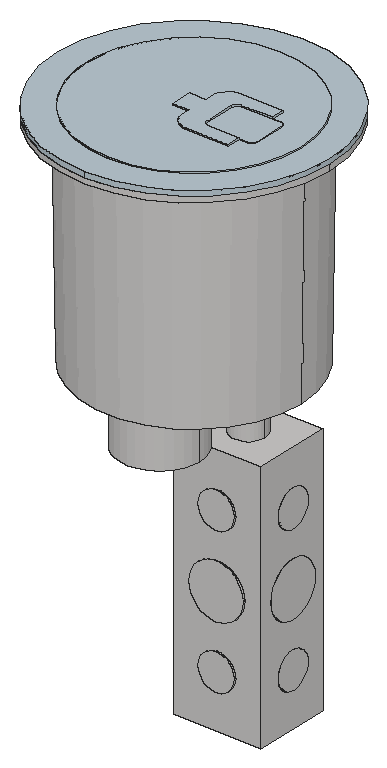
Revit family "Electrical_Equipment-Poke_Through-Hubbell_Wiring-System_One-S1R6", category Electrical Fixtures, host Face, Revit 2015
Parameters (values of type "Standard")
  Voltage = 120 V
  URL = "http://www.hubbell-wiring.com/"
  Right Side Subplate = 40 Left Subplate : S1R6SPZ
  Right Side Power = 4800 VA
  Product data url = "https://bimobject.com/hubbellwiring/product/systemone-s1r6"
  Product Page URL = "http://ecatalog.hubbell-wiring.com/ProductInformation/ViewCatalog.aspx?Dest=hubbell-wiring.com/press/catalog/m.pdf"
  Product Documentation Link = "http://ecatalog.hubbell-wiring.com/ProductInformation/ViewCatalog.aspx?Dest=hubbell-wiring.com/press/catalog/m.pdf"
  Power Factor = 1
  Number of Poles = 1
  Model = "S1R6PT"
  Manufacturer = "Hubbell-Wiring"  # constant formula
  Load Classification = Power
  Left Side Subplate = 50 Left Subplate : S1R6SPH
  Left Side Power = 2400 VA
  Hardware Material = Metal-Hubbell-Steel
  Electrical Connector Description = "Power Connector"
  Description = "System One - 6\" Poke Through"
  Default Elevation = 0' - 0"
  Cover Material = Metal-Hubbell-Aluminum
  Conduit Connector 4 Description = "Conduit Connector 45"
  Conduit Connector 3 Description = "Conduit Connector 3"
  Conduit Connector 2 Description = "Conduit Connector 2"
  Conduit Connector 1 Description = "Conduit Connector 1"
  Assembly Code = "D5020115"
Reference planes (in)
  plane 1 "Center (Front/Back)": y = 0
  plane 2: z = 0
  plane 3 "Center (Left/Right)": x = 0
  plane 4: z = -15.52
  plane 5: y = 1.87421
Forms (in)
  Extrusion 1, solid, detail levels coarse
    sketch origin (0, 0, 0) x (1, 0, 0) y (0, 1, 0)
      loop
        circle (0, 0) r 3.75
    from 0.29672 to -15.52
Lines and regions (in)
  symbolic lines
    curve 1: circle (0, 0, 0) r 3.75 normal (0, 0, 1)
  symbolic lines, detail levels coarse
    curve 2: line (3.75, 0, 0.29672) -> (-3.75, 0, 0.29672)
    curve 3: line (3.75, 0, -15.52) -> (3.75, 0, 0.29672)
    curve 4: line (-3.75, 0, -15.52) -> (3.75, 0, -15.52)
    curve 5: line (-3.75, 0, 0.29672) -> (-3.75, 0, -15.52)
    curve 6: line (0, 3.75, 0.29672) -> (0, -3.75, 0.29672)
    curve 7: line (0, 3.75, -15.52) -> (0, 3.75, 0.29672)
    curve 8: line (0, -3.75, -15.52) -> (0, 3.75, -15.52)
    curve 9: line (0, -3.75, 0.29672) -> (0, -3.75, -15.52)
Dimensions and locks (in)
  locked: plane 5 to plane 1 "Center (Front/Back)" at 1.87421
  aligned and locked: plane 2 to host face
  aligned and locked: level to host face
  aligned and locked: nested 1 to host face
  aligned and locked: plane 1 "Center (Front/Back)" to nested 1
  aligned and locked: nested 2 to nested 1
  aligned and locked: nested 2 to plane 1 "Center (Front/Back)"
  aligned and locked: plane 3 "Center (Left/Right)" to nested 3
  aligned and locked: nested 1 to nested 3
  aligned and locked: Extrusion 1 sketch curve to curve 1
  aligned and locked: Extrusion 1 to plane 4
  aligned and locked: plane 5 to nested 3
  aligned and locked: Extrusion 1 to nested 2
  aligned and locked: curve 2 to Extrusion 1
  aligned and locked: curve 3 to Extrusion 1
  aligned and locked: curve 4 to Extrusion 1
  aligned and locked: curve 5 to Extrusion 1
  aligned and locked: plane 3 "Center (Left/Right)" to nested 1
  aligned and locked: plane 3 "Center (Left/Right)" to nested 2
  aligned and locked: curve 6 to Extrusion 1
  aligned and locked: curve 8 to Extrusion 1
Nested families (in)
  nested 1: "Poke Through" at (0, 0, 0), type "Poke Through"
  nested 2: "Poke Through Cover" at (0, 0, 0.16) x (0, 1, 0) z (0, 0, 1), type "Poke Through Cover"
  nested 3: "Junction Box" at (0, 1.87421, -8.57), type "JunctionBox"
  nested 4: "40 Left Subplate" at (0.53871, 0.95027, 0), type "S1R6SPZ"
  nested 5: "50 Left Subplate" at (-0.34183, 0.28775, 0), type "S1R6SPG"
  nested 6: "50 Right Subplate" at (-0.34183, 0.28775, 0), type "S1R6SPA"
  nested 7: "60 Right Subplate" at (-0.34183, 0.28775, 0), type "S1R6SPV"
Connectors (in)
  electrical at (0, 1.87421, -15.52), driven by "Load Classification", driven by "Voltage", driven by "Power Factor", driven by "Electrical Connector Description"
    settings: on nested 3, index 1, voltage 120 V, apparent load 0 VA, apparent load phase1 180 VA, apparent load phase2 0 VA, apparent load phase3 0 VA, power factor 1, load classification "Power", number of poles 1, system type 31, power factor state 1, is connector primary yes, connector utility no, sub classification motor no, connector description "Power Connector"
  cabletrayconduit at (0, -1.17951, -7.59784), diameter 2.07812, driven by "Conduit Connector 4 Description"
    settings: on nested 1, index 2, connector width 1' - 0", connector height 1' - 0", connector angle 0.00°, system type 32, placement type 0, profile type 0, connector reference index -1, is primary connector yes, connector utility param no, connector description "Conduit Connector 45"
  cabletrayconduit at (0, 0.77456, -12.045), diameter 24, driven by "Conduit Connector 1 Description"
    settings: on nested 3, index 3, connector width 1' - 0", connector height 1' - 0", connector angle 0.00°, system type 32, placement type 1, profile type 0, connector reference index -1, is primary connector no, connector utility param no, connector description "Conduit Connector 1"
  cabletrayconduit at (1.23966, 1.87421, -12.045), diameter 24, driven by "Conduit Connector 2 Description"
    settings: on nested 3, index 4, connector width 1' - 0", connector height 1' - 0", connector angle 0.00°, system type 32, placement type 1, profile type 0, connector reference index -1, is primary connector no, connector utility param no, connector description "Conduit Connector 2"
  cabletrayconduit at (0, 2.97387, -12.045), diameter 24, driven by "Conduit Connector 3 Description"
    settings: on nested 3, index 6, connector width 1' - 0", connector height 1' - 0", connector angle 0.00°, system type 32, placement type 1, profile type 0, connector reference index -1, is primary connector no, connector utility param no, connector description "Conduit Connector 3"
Definition of nested family "Poke Through"
  Parameters
    Hardware Material = none
    Assembly Code = ""
  Reference planes (in)
    plane 1 "Center (Front/Back)": y = 0
    plane 2: z = 0
    plane 3 "Center (Left/Right)": x = 0
    plane 4: z = -8.57
    plane 5: x = -2.96875
  Forms (in)
    Extrusion 1, solid, material <- "Hardware Material", detail levels medium+fine
      sketch origin (0, 0, 0) x (1, 0, 0) y (0, 1, 0)
        loop
          circle (0, 0) r 3.75
        loop
          circle (0, 0) r 2.96875
      from 0 to 0.16
    Extrusion 2, solid, material <- "Hardware Material", detail levels medium+fine
      sketch origin (0, 0, 0) x (1, 0, 0) y (0, 1, 0)
        loop
          circle (0, 1.87421) r 0.45981
        loop
          circle (0, 1.87421) r 0.41183
      from -6.03615 to -8.57
    Extrusion 3, solid, material <- "Hardware Material", detail levels medium+fine
      sketch origin (0, 0, 0) x (1, 0, 0) y (0, 1, 0)
        loop
          circle (0, -1.17951) r 1.10454
        loop
          circle (0, -1.17951) r 1.03956
      from -6.03615 to -7.59784
    Revolve 4, solid, material <- "Hardware Material", detail levels medium+fine
      sketch origin (0, 0, 0) x (1, 0, 0) y (0, 0, 1)
        loop
          line (-3.06126, 0) -> (-2.96875, -6.03615) -> (-2.85374, -6.03615) -> (-2.85374, 0) -> (-3.06126, 0)
        axis (0, -6.03615) -> (0, 0)
      angle from 0 to 360
    Extrusion 5, solid, material <- "Hardware Material", detail levels medium+fine
      sketch origin (0, 0, 0) x (1, 0, 0) y (0, 1, 0)
        loop
          circle (0, 0) r 2.85374
      from -5.9741 to -6.03615
  Cuts and joins
    joined: Extrusion 1, Revolve 4, Extrusion 5
  Dimensions and locks (in)
    Extrusion 1 to plane 4 = 0' - 8.73"
    aligned and locked: plane 2 to level
Definition of nested family "Poke Through Cover"
  Parameters
    Cover Material = none
    Assembly Code = ""
  Reference planes (in)
    plane 1 "Center (Front/Back)": y = 0
    plane 2: z = 0
    plane 3 "Center (Left/Right)": x = 0
    plane 4: z = -1.16328
  Forms (in)
    Extrusion 1, solid, material <- "Cover Material", detail levels medium+fine
      sketch origin (0, 0, 0) x (1, 0, 0) y (0, 1, 0)
        loop
          circle (0, 0) r 3.75
        loop
          circle (0, 0) r 2.965
      from 0 to 0.13672
    Revolve 2, solid, material <- "Cover Material", detail levels medium+fine
      sketch origin (0, 0, 0) x (1, 0, 0) y (0, 0, 1)
        loop
          line (-2.18, 0) -> (-2.965, 0) -> (-2.965, -0.31351) -> (-2.33478, -0.31351) -> (-2.33478, -0.62702) -> (-2.18, -0.62702) -> (-2.18, 0)
        axis (0, 0) -> (0, -0.62702)
      angle from 0 to 360
    Extrusion 3, solid, material <- "Cover Material", detail levels medium+fine
      sketch origin (0, 0, 0) x (1, 0, 0) y (0, 1, 0)
        loop
          circle (0, 0) r 2.965
        loop
          line (-0.28775, -0.09844) -> (-0.51, -0.09844)
          arc (-0.51, -0.09844) -> (-0.82132, -0.22739) -> (-0.95027, -0.53871) r 0.44027
          line (-0.95027, -0.53871) -> (-0.95027, -1.70469) -> (-0.57549, -1.70469) -> (-0.57549, -1.91106)
          arc (-0.57549, -1.91106) -> (-0.52436, -2.03452) -> (-0.4009, -2.08565) r 0.17459
          line (-0.4009, -2.08565) -> (0.4009, -2.08565)
          arc (0.4009, -2.08565) -> (0.52436, -2.03452) -> (0.57549, -1.91106) r 0.17459
          line (0.57549, -1.91106) -> (0.57549, -1.70469) -> (0.95027, -1.70469) -> (0.95027, -0.53871)
          arc (0.95027, -0.53871) -> (0.82132, -0.22739) -> (0.51, -0.09844) r 0.44027
          line (0.51, -0.09844) -> (0.28775, -0.09844) -> (0.28775, 0.34183) -> (-0.28775, 0.34183) -> (-0.28775, -0.09844)
      from 0 to 0.15625
    Extrusion 4, solid, material <- "Cover Material", detail levels medium+fine
      sketch origin (0, 0, 0) x (1, 0, 0) y (0, 1, 0)
        loop
          line (-0.95027, -1.70469) -> (-0.57549, -1.70469) -> (-0.57549, -0.87331)
          arc (-0.57549, -0.87331) -> (-0.52436, -0.74985) -> (-0.4009, -0.69872) r 0.17459
          line (-0.4009, -0.69872) -> (0.4009, -0.69872)
          arc (0.4009, -0.69872) -> (0.52436, -0.74985) -> (0.57549, -0.87331) r 0.17459
          line (0.57549, -0.87331) -> (0.57549, -1.70469) -> (0.95027, -1.70469) -> (0.95027, -0.53871)
          arc (0.95027, -0.53871) -> (0.82132, -0.22739) -> (0.51, -0.09844) r 0.44027
          line (0.51, -0.09844) -> (0.28775, -0.09844) -> (0.28775, 0.34183) -> (-0.28775, 0.34183) -> (-0.28775, -0.09844) -> (-0.51, -0.09844)
          arc (-0.51, -0.09844) -> (-0.82132, -0.22739) -> (-0.95027, -0.53871) r 0.44027
          line (-0.95027, -0.53871) -> (-0.95027, -1.70469)
      from 0 to 0.1875
    Extrusion 5, solid, material <- "Cover Material", detail levels medium+fine
      sketch origin (0, 0, 0) x (1, 0, 0) y (0, 1, 0)
        loop
          line (-0.57549, -0.87331) -> (-0.57549, -1.91106)
          arc (-0.57549, -1.91106) -> (-0.52436, -2.03452) -> (-0.4009, -2.08565) r 0.17459
          line (-0.4009, -2.08565) -> (0.4009, -2.08565)
          arc (0.4009, -2.08565) -> (0.52436, -2.03452) -> (0.57549, -1.91106) r 0.17459
          line (0.57549, -1.91106) -> (0.57549, -0.87331)
          arc (0.57549, -0.87331) -> (0.52436, -0.74985) -> (0.4009, -0.69872) r 0.17459
          line (0.4009, -0.69872) -> (-0.4009, -0.69872)
          arc (-0.4009, -0.69872) -> (-0.52436, -0.74985) -> (-0.57549, -0.87331) r 0.17459
      from 0 to 0.15625
    Extrusion 6, solid, material <- "Cover Material", detail levels medium+fine
      sketch origin (-0.09901, -3.82318, 0) x (0, 1, 0) y (0, 0, -1)
        loop
          line (5.92511, 0.62702) -> (6.08478, 0.62702) -> (6.08478, 0.90528)
          arc (6.08478, 0.90528) -> (5.82084, 1.16922) -> (5.5569, 0.90528) r 0.26394
          line (5.5569, 0.90528) -> (5.5569, 0.62702) -> (5.71657, 0.62702) -> (5.71657, 0.93511)
          arc (5.71657, 0.93511) -> (5.82084, 1.03938) -> (5.92511, 0.93511) r 0.10427
          line (5.92511, 0.93511) -> (5.92511, 0.62702)
      from 0.26595 to 1.0493
    Extrusion 7, solid, material <- "Cover Material", detail levels medium+fine
      sketch origin (0.09901, -3.82318, 0) x (0, 1, 0) y (0, 0, 1)
        loop
          line (5.92511, -0.62702) -> (5.92511, -0.93511)
          arc (5.92511, -0.93511) -> (5.82084, -1.03938) -> (5.71657, -0.93511) r 0.10427
          line (5.71657, -0.93511) -> (5.71657, -0.62702) -> (5.5569, -0.62702) -> (5.5569, -0.90528)
          arc (5.5569, -0.90528) -> (5.82084, -1.16922) -> (6.08478, -0.90528) r 0.26394
          line (6.08478, -0.90528) -> (6.08478, -0.62702) -> (5.92511, -0.62702)
      from 0.26595 to 1.0493
  Lines and regions (in)
    Masking region 1
      outline origin (0, 0, 0) x (1, 0, 0) y (0, 1, 0)
        loop
          circle (0, 0) r 3.75
    symbolic lines, detail levels medium+fine
      curve 1: circle (0, 0, 0) r 2.33478 normal (0, 0, 1)
    symbolic lines, detail levels fine
      curve 2: line (-0.95027, -0.53871, 0) -> (-0.95027, -1.70469, 0)
      curve 3: line (-0.95027, -1.70469, 0) -> (-0.57549, -1.70469, 0)
      curve 4: line (-0.57549, -1.70469, 0) -> (-0.57549, -0.87331, 0)
      curve 5: arc (-0.57549, -0.87331, 0) -> (-0.52436, -0.74985, 0) -> (-0.4009, -0.69872, 0) r 0.17459
      curve 6: line (-0.4009, -0.69872, 0) -> (0.4009, -0.69872, 0)
      curve 7: arc (0.4009, -0.69872, 0) -> (0.52436, -0.74985, 0) -> (0.57549, -0.87331, 0) r 0.17459
      curve 8: line (0.57549, -0.87331, 0) -> (0.57549, -1.70469, 0)
      curve 9: line (0.57549, -1.70469, 0) -> (0.95027, -1.70469, 0)
      curve 10: line (0.95027, -1.70469, 0) -> (0.95027, -0.53871, 0)
      curve 11: arc (0.95027, -0.53871, 0) -> (0.82132, -0.22739, 0) -> (0.51, -0.09844, 0) r 0.44027
      curve 12: line (0.51, -0.09844, 0) -> (0.28775, -0.09844, 0)
      curve 13: line (0.28775, -0.09844, 0) -> (0.28775, 0.34183, 0)
      curve 14: line (0.28775, 0.34183, 0) -> (-0.28775, 0.34183, 0)
      curve 15: line (-0.28775, 0.34183, 0) -> (-0.28775, -0.09844, 0)
      curve 16: line (-0.28775, -0.09844, 0) -> (-0.51, -0.09844, 0)
      curve 17: arc (-0.51, -0.09844, 0) -> (-0.82132, -0.22739, 0) -> (-0.95027, -0.53871, 0) r 0.44027
      curve 18: arc (-0.57549, -1.91106, 0) -> (-0.52436, -2.03452, 0) -> (-0.4009, -2.08565, 0) r 0.17459
      curve 19: line (-0.4009, -2.08565, 0) -> (0.4009, -2.08565, 0)
      curve 20: arc (0.4009, -2.08565, 0) -> (0.52436, -2.03452, 0) -> (0.57549, -1.91106, 0) r 0.17459
      curve 21: line (-0.57549, -1.70469, 0) -> (-0.57549, -1.91106, 0)
      curve 22: line (0.57549, -1.70469, 0) -> (0.57549, -1.91106, 0)
  Dimensions and locks (in)
    locked: Extrusion 1 to plane 4 at 1.3
    aligned and locked: plane 2 to level
    aligned and locked: Masking region 1 sketch curve to Extrusion 1
Definition of nested family "Junction Box"
  Parameters
    Hardware Material = none
    Assembly Code = ""
  Reference planes (in)
    plane 1 "Center (Front/Back)": y = 0
    plane 2: z = 0
    plane 3 "Center (Left/Right)": x = 0
  Forms (in)
    Extrusion 1, solid, material <- "Hardware Material", detail levels medium+fine
      sketch origin (0.63008, -7.06277, -6.95) x (1, 0, 0) y (0, 1, 0)
        loop
          line (-1.83508, 5.99777) -> (0.57492, 5.99777) -> (0.57492, 8.12777) -> (-1.83508, 8.12777) -> (-1.83508, 5.99777)
      from 0 to 6.95
    Extrusion 2, solid, material <- "Hardware Material", detail levels medium+fine
      sketch origin (0, 0, 0.06788) x (1, 0, 0) y (0, 0, 1)
        loop
          circle (0, -1.54288) r 0.5
        loop
          circle (0, -3.54288) r 0.75
        loop
          circle (0, -5.54288) r 0.5
      from 1.065 to 1.09966
    Extrusion 3, solid, material <- "Hardware Material", detail levels medium+fine
      sketch origin (0, 0, 0.06788) x (-1, 0, 0) y (0, 0, 1)
        loop
          circle (0, -1.54288) r 0.5
        loop
          circle (0, -3.54288) r 0.75
        loop
          circle (0, -5.54288) r 0.5
      from 1.065 to 1.09966
    Extrusion 4, solid, material <- "Hardware Material", detail levels medium+fine
      sketch origin (0.14, 0, 0.06788) x (0, 1, 0) y (0, 0, 1)
        loop
          circle (0, -1.54288) r 0.5
        loop
          circle (0, -3.54288) r 0.75
        loop
          circle (0, -5.54288) r 0.5
      from 1.065 to 1.09966
  Dimensions and locks (in)
    aligned and locked: plane 2 to level
Definition of nested family "40 Left Subplate"
  Parameters
    Assembly Code = ""
  Reference planes (in)
    plane 1 "Center (Front/Back)": y = 0
    plane 2: z = 0
    plane 3 "Center (Left/Right)": x = 0
  Dimensions and locks (in)
    aligned and locked: plane 2 to level
Definition of nested family "50 Left Subplate"
  Parameters
    Assembly Code = ""
  Reference planes (in)
    plane 1 "Center (Front/Back)": y = 0
    plane 2: z = 0
    plane 3 "Center (Left/Right)": x = 0
  Dimensions and locks (in)
    aligned and locked: plane 2 to level
Definition of nested family "50 Right Subplate"
  Parameters
    Assembly Code = ""
  Reference planes (in)
    plane 1 "Center (Front/Back)": y = 0
    plane 2: z = 0
    plane 3 "Center (Left/Right)": x = 0
  Dimensions and locks (in)
    aligned and locked: plane 2 to level
Definition of nested family "60 Right Subplate"
  Parameters
    Assembly Code = ""
  Reference planes (in)
    plane 1 "Center (Front/Back)": y = 0
    plane 2: z = 0
    plane 3 "Center (Left/Right)": x = 0
  Dimensions and locks (in)
    aligned and locked: plane 2 to level
